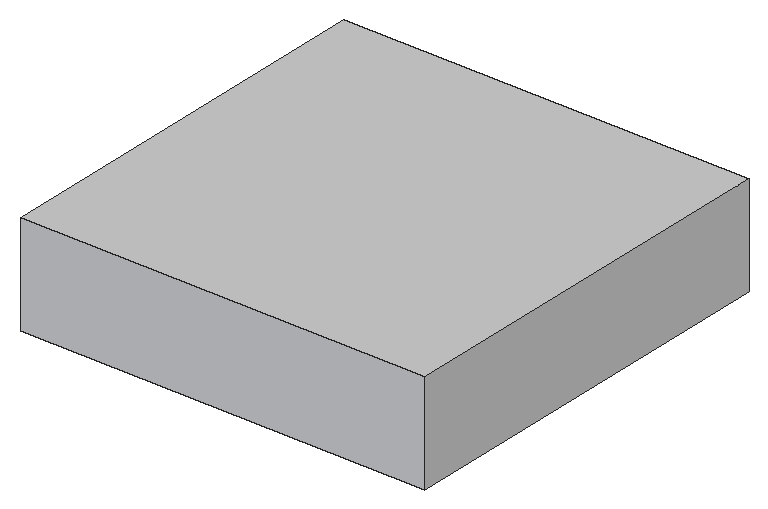
Revit family "PRESTO XT-I", category Aparatos sanitarios, Revit 2015
Parameters (values of type "14209")
  URL = "http://www.prestoiberica.com/inodoro/serie-xt/presto-xt-i?c=es"
  Teléfono = "(+34) 915 782 575"
  TIPO DE AGUA = "Fria"
  REFERENCIA = "14209"
  Presión Máxima = ""
  PESO BRUTO = "0.790 Kg"
  Modelo = "PRESTO XT I"
  Material = LATON CROMADO
  Imagen de tipo = <Ninguno>
  Fabricante = "PRESTO IBÉRICA"
  Default Elevation = 1219.2 mm
  ENTRADA = "Macho 3/4\""
  Descripción = "Fluxor temporizado de fijación sobre muro con cuerpo y embellecedor en latón cromado. Dispositivo antiSifónico incorporado. Pistón intercambiable."
  Código de montaje = "C1030220"
  Contacto = "info@prestoiberica.com"
  Conexión AF = yes
  Conexión AC = yes
  Comentarios de tipo = "◦Cabeza intercambiable que comprende todo el mecanismo del grifo\r\n◦Cuerpo y pulsador en latón cromado, piezas interiores en materiales resistentes a la corrosión y a las incrustaciones calcáreas\r\n◦Suministro con arandela, tuerca racor de salida y junta americana para tubo de Ø 28 mm."
  CIERRE = "Automático en 7 seg."
  CAUDAL = "1.5 L/Min"
  Accionamiento = "Por pulsador"
Reference planes
  plane 1 "Centro (Frontal/Posterior)": y = 0
  plane 2: z = 0
  plane 3 "Centro (Izquierda/Derecha)": x = 0
Forms (mm)
  Extrusion 1, solid
    sketch origin (0, 0, 0) x (1, 0, 0) y (0, 1, 0)
      loop
        line (-100, 100) -> (-100, -100) -> (100, -100) -> (100, 100) -> (-100, 100)
    from 0 to -50
Lines and regions (mm)
  symbolic lines
    curve 1: line (19, 0, 2.962) -> (-19, 0, 2.962)
    curve 2: line (29.958, 0, 0.898) -> (-29.958, 0, 0.898)
Dimensions and locks
  Extrusion 1 sketch curve to plane 1 "Centro (Frontal/Posterior)" = 100 mm
  aligned and locked: plane 2 to Extrusion 1
  aligned and locked: level to Extrusion 1
Connectors
  piping at (0, 0, -13), diameter 19.1
    settings: on import instance, index 1, connector inside diameter 609.6 mm, connector length 0 mm, flow factor 0, pipe flow 0.0 L/s, pressure drop 0.0 Pa, fitting loss kfactor 0, connector angle 0.00°, fixture units 0, engagement length 0 mm, angle of deflection 0.00°, flow configuration 0, flow direction 1, fitting loss method 0, system type 20, joint type 0, gender type 0, connector reference index -1, connector utility 0, adjustable connector no, is connector primary yes, connector description ""
